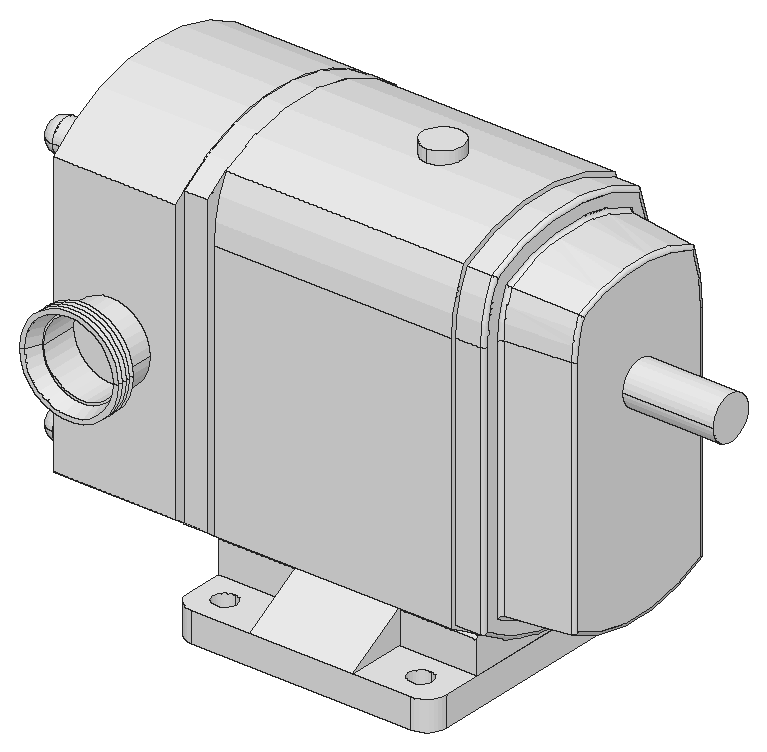
Revit family "MLP 23 - MR172 - Lobe Pump ", category Specialty Equipment, Revit 2022
Family settings
  Round Connector Dimension = Use Diameter
  Part Type = Normal
  Work Plane-Based = No
  Always vertical = Yes
  Cut with Voids When Loaded = No
  Maintain Annotation Orientation = No
  Shared = No
  Room Calculation Point = No
Parameters (values of type "MLP 23 - 4kW")
  URL = "https://en.ekinendustriyel.com/lobe-pumps/lobe-pumps"
  Pressure = 20.0 bar  # constant formula
  Motor Power = 4 kW  # constant formula
  Model = "MLP-23 TUL - MR172"
  Manufacturer = "Ekin Endüstriyel"
  Keynote = "Double Serpentine Heater Tank"
  Flow = 5.0 m³/h  # constant formula
  Description = "MIT MLP 23 - Lobe Pump"
  Default Elevation = 0 mm
Types (5): name
  MLP 23 - 1.5 kW
  MLP 23 - 1.1 kW
  MLP 23 - 2.2 kW
  MLP 23 - 3kW
  MLP 23 - 4kW
Reference planes
  plane 1 "Center (Front/Back)": y = 0
  plane 2: z = 0
  plane 3 "Center (Left/Right)": x = 0
Forms (mm)
  Extrusion 1, solid, material "Ekin Endüstriyel_StainlesSteel", detail levels medium+fine
    sketch origin (0, 0, 0) x (0, 1, 0) y (0, 0, 1)
      loop
        arc (65, 198) -> (0, 223) -> (-65, 198) r 97
        line (-65, 198) -> (-65, 54)
        arc (-65, 54) -> (0, 29) -> (65, 54) r 97
        line (65, 54) -> (65, 198)
    from -0.581 to -63.081
  Extrusion 2, solid, material "Ekin Endüstriyel_StainlesSteel", detail levels medium+fine
    sketch origin (0, 0, 0) x (0, 1, 0) y (0, 0, 1)
      loop
        arc (-48, 210.291) -> (-53.968, 195.324) -> (-56, 179.34) r 63.873
        line (-56, 179.34) -> (-56, 46.798)
        arc (-56, 46.798) -> (0, 29) -> (56, 46.798) r 97
        line (56, 46.798) -> (56, 169.858)
        arc (56, 169.858) -> (53.981, 190.467) -> (48, 210.291) r 106.175
        arc (48, 210.291) -> (0, 223) -> (-48, 210.291) r 97
    from 132.919 to 11.419
  Extrusion 3, solid, material "Ekin Endüstriyel_StainlesSteel", detail levels coarse
    sketch origin (0, 0, 0) x (0, 1, 0) y (0, 0, 1)
      loop
        arc (65, 198) -> (0, 223) -> (-65, 198) r 97
        line (-65, 198) -> (-65, 54)
        arc (-65, 54) -> (0, 29) -> (65, 54) r 97
        line (65, 54) -> (65, 198)
    from -63.081 to 183.857
  Sweep 4, solid, material "Ekin Endüstriyel_StainlesSteel", detail levels medium+fine
    path in 3D
      loop
        arc (132.919, 48, 210.291) -> (132.919, 53.981, 190.467) -> (132.919, 56, 169.858) r 106.175
        line (132.919, 56, 169.858) -> (132.919, 56, 46.798)
        arc (132.919, 56, 46.798) -> (132.919, 0, 29) -> (132.919, -56, 46.798) r 97
        line (132.919, -56, 46.798) -> (132.919, -56, 179.34)
        arc (132.919, -56, 179.34) -> (132.919, -53.968, 195.324) -> (132.919, -48, 210.291) r 63.873
        arc (132.919, -48, 210.291) -> (132.919, 0, 223) -> (132.919, 48, 210.291) r 97
    profile origin (132.919, 0, 223) x (0, 0, 1) y (1, 0, 0)
      loop
        line (-2.005, 0) -> (-2.005, 13.004)
        arc (-2.005, 13.004) -> (-2.584, 14.402) -> (-3.981, 14.98) r 1.976
        line (-3.981, 14.98) -> (-10.133, 14.98)
        arc (-10.133, 14.98) -> (-11.482, 15.503) -> (-12.125, 16.799) r 2
        line (-12.125, 16.799) -> (-15.082, 49.18)
        arc (-15.082, 49.18) -> (-15.704, 50.432) -> (-17.007, 50.938) r 1.933
        line (-17.007, 50.938) -> (-23.918, 50.938) -> (-23.918, 0) -> (-2.005, 0)
  Extrusion 5, solid, material "Ekin Endüstriyel_StainlesSteel", detail levels medium+fine
    sketch origin (0, 0, 0) x (0, 1, 0) y (0, 0, 1)
      loop
        arc (-29.766, 192.746) -> (-31.499, 186.142) -> (-32.082, 179.34) r 39.955
        line (-32.082, 179.34) -> (-32.082, 60.336)
        arc (-32.082, 60.336) -> (0, 52.918) -> (32.082, 60.336) r 73.082
        line (32.082, 60.336) -> (32.082, 169.858)
        arc (32.082, 169.858) -> (31.232, 181.657) -> (28.697, 193.212) r 82.257
        arc (28.697, 193.212) -> (-0.583, 199.08) -> (-29.766, 192.746) r 73.082
    from 132.919 to 183.857
  Revolve 6, solid, material "Ekin Endüstriyel_StainlesSteel", detail levels fine
    sketch origin (35.739, 0, 123.787) x (1, 0, 0) y (0, 1, 0)
      loop
        line (-89.934, -65.017) -> (-89.934, -81.023) -> (-93.069, -81.023) -> (-94.837, -82.044) -> (-92.833, -83.2) -> (-94.837, -84.357) -> (-92.832, -85.515) -> (-94.837, -86.672) -> (-92.833, -87.829) -> (-94.837, -88.986) -> (-92.658, -90.244) -> (-94.841, -91.504) -> (-92.498, -91.504) -> (-89.934, -83.591) -> (-88.813, -83.591) -> (-88.813, -65.017) -> (-89.934, -65.017)
      axis (-69.763, -65.017) -> (-69.763, -91.504)
    angle from 0 to 360
  Extrusion 7, solid, material "Ekin Endüstriyel_StainlesSteel"
    sketch origin (-63.081, 0, 0) x (0, -1, 0) y (0, 0, 1)
      loop
        circle (0, 126) r 50
    from 0 to 10
  Extrusion 8, solid, material "Ekin Endüstriyel_StainlesSteel", detail levels medium+fine
    sketch origin (0, 0, 0) x (0, 1, 0) y (0, 0, 1)
      loop
        line (-34.093, 32.841) -> (-65, 15) -> (65, 15) -> (34.097, 32.842)
        arc (34.097, 32.842) -> (0.002, 27.834) -> (-34.093, 32.841) r 118.583
    from 36.862 to 89.521
  Extrusion 9, solid, material "Ekin Endüstriyel_StainlesSteel", detail levels medium
    sketch origin (-75.568, 0, 30.923) x (1, 0, 0) y (0, 0, 1)
      loop
        circle (41.544, 92.864) r 25.078
      loop
        circle (41.544, 92.864) r 19.05
    from 65.017 to 91.504
  Extrusion 10, solid, material "Ekin Endüstriyel_StainlesSteel"
    sketch origin (107.25, 0, 153) x (0, 0, 1) y (0, 1, 0)
      loop
        circle (0, 0) r 11
    from -123.169 to -76.607
  Extrusion 11, solid, material "Ekin Endüstriyel_StainlesSteel", detail levels medium+fine
    sketch origin (0, 0, 0) x (0, 1, 0) y (0, 0, 1)
      loop
        line (-60, 202.217) -> (-60, 49.783)
        arc (-60, 49.783) -> (0, 29) -> (60, 49.783) r 97
        line (60, 49.783) -> (60, 202.217)
        arc (60, 202.217) -> (0, 223) -> (-60, 202.217) r 97
    from 11.419 to -0.581
  Extrusion 12, solid, material "Ekin Endüstriyel_StainlesSteel", detail levels coarse
    sketch origin (-99.135, 0, 4.353) x (1, 0, 0) y (0, 0, 1)
      loop
        circle (65.111, 119.434) r 25.078
    from 65 to 91.504
  Extrusion 13, solid, material "Ekin Endüstriyel_StainlesSteel"
    sketch origin (0, 0, 0) x (1, 0, 0) y (0, 1, 0)
      loop
        circle (12.419, -50) r 6
      loop
        circle (112.419, -50) r 6
      loop
        circle (12.419, 50) r 6
      loop
        circle (112.419, 50) r 6
      loop
        line (119.419, 65) -> (7.419, 65)
        arc (7.419, 65) -> (0.348, 62.071) -> (-2.581, 55) r 10
        line (-2.581, 55) -> (-2.581, -55)
        arc (-2.581, -55) -> (0.348, -62.071) -> (7.419, -65) r 10
        line (7.419, -65) -> (119.419, -65)
        arc (119.419, -65) -> (126.49, -62.071) -> (129.419, -55) r 10
        line (129.419, -55) -> (129.419, 55)
        arc (129.419, 55) -> (126.49, 62.071) -> (119.419, 65) r 10
    from 0 to 15
  Extrusion 14, solid, material "Ekin Endüstriyel_StainlesSteel"
    sketch origin (0, 0, 0) x (0, 1, 0) y (0, 0, 1)
      loop
        arc (-33.135, 32.594) -> (-34.417, 32.362) -> (-35, 31.197) r 1.456
        line (-35, 31.197) -> (-35, 15) -> (35.25, 15) -> (35.25, 31.095)
        arc (35.25, 31.095) -> (34.637, 32.321) -> (33.289, 32.566) r 1.532
        arc (33.289, 32.566) -> (0.075, 27.834) -> (-33.135, 32.594) r 118.583
    from -2.581 to 129.018
  Revolve 15, solid, material "Ekin Endüstriyel_StainlesSteel", detail levels fine
    sketch origin (56.401, 0, 191.795) x (1, 0, 0) y (0, 1, 0)
      loop
        line (-119.482, -48.5) -> (-119.482, -39.954) -> (-141.528, -39.954)
        arc (-141.528, -39.954) -> (-139.025, -45.997) -> (-132.982, -48.5) r 8.546
        line (-132.982, -48.5) -> (-119.482, -48.5)
      axis (-119.482, -39.954) -> (-141.528, -39.954)
    angle from 0 to 360
  Extrusion 16, solid, material "Ekin Endüstriyel_StainlesSteel", detail levels medium+fine
    sketch origin (0, 0, 0) x (1, 0, 0) y (0, 1, 0)
      loop
        circle (83.419, 0) r 10
    from 221 to 229
  Extrusion 17, solid, material "Ekin Endüstriyel_StainlesSteel", detail levels coarse+medium
    sketch origin (-119.482, 0, 146.417) x (0, 0, 1) y (0, 1, 0)
      loop
        circle (45.378, -39.954) r 8.546
      loop
        circle (45.378, 39.954) r 8.546
      loop
        circle (-86.212, 39.954) r 8.546
      loop
        circle (-86.212, -39.954) r 8.546
    from -56.401 to -33.901
  Revolve 18, solid, material "Ekin Endüstriyel_StainlesSteel", detail levels fine
    sketch origin (56.401, 0, 191.795) x (1, 0, 0) y (0, 1, 0)
      loop
        line (-119.482, 48.5) -> (-132.982, 48.5)
        arc (-132.982, 48.5) -> (-139.025, 45.997) -> (-141.528, 39.954) r 8.546
        line (-141.528, 39.954) -> (-119.482, 39.954) -> (-119.482, 48.5)
      axis (-119.482, 39.954) -> (-141.528, 39.954)
    angle from 0 to 360
  Revolve 19, solid, material "Ekin Endüstriyel_StainlesSteel", detail levels fine
    sketch origin (56.401, 0, 60.205) x (1, 0, 0) y (0, 1, 0)
      loop
        line (-119.482, -48.5) -> (-119.482, -39.954) -> (-141.528, -39.954)
        arc (-141.528, -39.954) -> (-139.025, -45.997) -> (-132.982, -48.5) r 8.546
        line (-132.982, -48.5) -> (-119.482, -48.5)
      axis (-119.482, -39.954) -> (-141.528, -39.954)
    angle from 0 to 360
  Revolve 20, solid, material "Ekin Endüstriyel_StainlesSteel", detail levels fine
    sketch origin (56.401, 0, 60.205) x (1, 0, 0) y (0, 1, 0)
      loop
        line (-119.482, 48.5) -> (-132.982, 48.5)
        arc (-132.982, 48.5) -> (-139.025, 45.997) -> (-141.528, 39.954) r 8.546
        line (-141.528, 39.954) -> (-119.482, 39.954) -> (-119.482, 48.5)
      axis (-119.482, 39.954) -> (-141.528, 39.954)
    angle from 0 to 360
  Extrusion 21, solid, material "Ekin Endüstriyel_StainlesSteel", detail levels medium
    sketch origin (-75.568, 0, 30.923) x (1, 0, 0) y (0, 0, -1)
      loop
        circle (41.544, -92.864) r 25.078
      loop
        circle (41.544, -92.864) r 19.05
    from 65.017 to 91.504
  Extrusion 22, solid, material "Ekin Endüstriyel_StainlesSteel", detail levels coarse
    sketch origin (-99.135, 0, 4.353) x (1, 0, 0) y (0, 0, -1)
      loop
        circle (65.111, -119.434) r 25.078
    from 65 to 91.504
  Revolve 23, solid, material "Ekin Endüstriyel_StainlesSteel", detail levels fine
    sketch origin (35.739, 0, 123.787) x (1, 0, 0) y (0, 1, 0)
      loop
        line (-89.934, 65.017) -> (-88.813, 65.017) -> (-88.813, 83.591) -> (-89.934, 83.591) -> (-92.498, 91.504) -> (-94.841, 91.504) -> (-92.658, 90.244) -> (-94.837, 88.986) -> (-92.833, 87.829) -> (-94.837, 86.672) -> (-92.832, 85.515) -> (-94.837, 84.357) -> (-92.833, 83.2) -> (-94.837, 82.044) -> (-93.069, 81.023) -> (-89.934, 81.023) -> (-89.934, 65.017)
      axis (-69.763, 65.017) -> (-69.763, 91.504)
    angle from 0 to 360
Cuts and joins
  joined: Sweep 4, Extrusion 5
  joined: Extrusion 2, Extrusion 11, Extrusion 16
Lines and regions (mm)
  sketch lines
    curve 1: arc (132.919, -48, 210.291) -> (132.919, 0, 223) -> (132.919, 48, 210.291) r 97
    curve 2: arc (132.919, -56, 179.34) -> (132.919, -53.968, 195.324) -> (132.919, -48, 210.291) r 63.873
    curve 3: line (132.919, -56, 179.34) -> (132.919, -56, 46.798)
    curve 4: arc (132.919, 56, 46.798) -> (132.919, 0, 29) -> (132.919, -56, 46.798) r 97
    curve 5: line (132.919, 56, 46.798) -> (132.919, 56, 169.858)
    curve 6: arc (132.919, 48, 210.291) -> (132.919, 53.981, 190.467) -> (132.919, 56, 169.858) r 106.175
Dimensions and locks
  aligned and locked: level to plane 2
Connectors
  piping at (-34.024, -91.504, 123.787), diameter 38.1
    settings: on Extrusion 9, index 1, connector inside diameter 609.6 mm, connector length 0 mm, flow factor 0, pipe flow 0.0 m³/h, pressure drop 0.0 bar, fitting loss kfactor 0, connector angle 0.00°, fixture units 0, engagement length 0 mm, angle of deflection 0.00°, flow configuration 0, flow direction 0, fitting loss method 0, system type 7, joint type 0, gender type 0, connector reference index -1, connector utility 0, adjustable connector no, is connector primary yes, connector description ""
  piping at (-34.024, 91.504, 123.787), diameter 38.1
    settings: on Extrusion 21, index 2, connector inside diameter 609.6 mm, connector length 0 mm, flow factor 0, pipe flow 0.0 m³/h, pressure drop 0.0 bar, fitting loss kfactor 0, connector angle 0.00°, fixture units 0, engagement length 0 mm, angle of deflection 0.00°, flow configuration 0, flow direction 0, fitting loss method 0, system type 7, joint type 0, gender type 0, connector reference index -1, connector utility 0, adjustable connector no, is connector primary no, connector description ""
